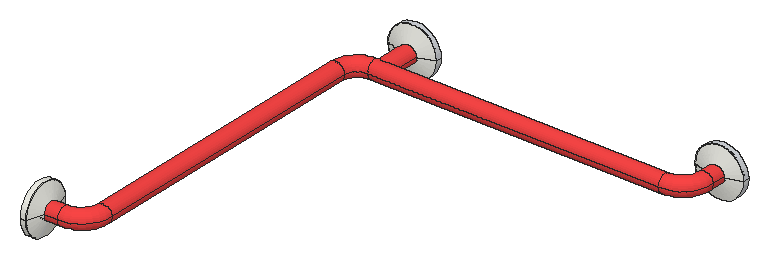
Revit family "Animo L-Shaped Handrail Horizontal_", category Casework, Revit 2012
Parameters (values of type "1629 P")
  URL = "www.korpinen.com"
  Type Comments = "Handrail"
  Model = "1629"
  Manufacturer = "Väinö Korpinen Oy"
  Lenght 2 = 700 mm
  Lenght 1 = 700 mm
  Keynote = "Animo"
  Handrail Color = RAL 3003 - Red
  Description = "L-shaped handrail Horizontal"
Types (4, lengths in mm): name | Handrail Color | Description
  1629 | RAL 9010 - White | "L-shaped handrail horizontal"
  1629 P | RAL 3003 - Red | "L-shaped handrail Horizontal"
  1629 K | RAL 1004 - Yellow | "L-shaped handrail Horizontal"
  1629 H | RAL 7037 - Grey | "L-shaped handrail Horizontal"
Reference planes
  plane 1 "Center (Front/Back)": y = 0
  plane 2: z = 0
  plane 3 "Center (Left/Right)": x = 0
  plane 4: x = 700
  plane 5: y = -700
  plane 6: z = 850
  plane 7: y = -10
  plane 8: x = 10
  plane 9: y = -85
  plane 10: x = 85
Forms (mm)
  Extrusion 1, solid, material "RAL 9010 - White"
    sketch origin (0, 0, 0) x (0, 1, 0) y (0, 0, 1)
      loop
        circle (-700, 850) r 45
    from 0 to 10
  Extrusion 2, solid
    sketch origin (0, 0, 0) x (1, 0, 0) y (0, 0, 1)
      loop
        circle (700, 850) r 45
      loop
        circle (134, 850) r 45
    from 0 to 10
  Sweep 3, solid, material "RAL 3003 - Red" <- "Handrail Color"
    path origin (0, 0, 850.846) x (1, 0, 0) y (0, 1, 0)
      loop
        line (700, -10) -> (700, -45)
        arc (700, -45) -> (688.284, -73.284) -> (660, -85) r 40
        line (660, -85) -> (125, -85)
        arc (125, -85) -> (96.716, -96.716) -> (85, -125) r 40
        line (85, -125) -> (85, -660)
        arc (85, -660) -> (73.284, -688.284) -> (45, -700) r 40
        line (45, -700) -> (10, -700)
    profile "Pipe 32mm : Pipe 32mm" origin (700, -27.5, 850.846) x (1, 0, 0) y (0, 0, 1)
      loop
        circle (0, 0) r 16
  Sweep 4, solid, material "RAL 3003 - Red" <- "Handrail Color"
    path origin (-0.63, 0, 850) x (1, 0, 0) y (0, 1, 0)
      loop
        line (134, -10) -> (134, -85)
    profile "Pipe 32mm : Pipe 32mm" origin (133.37, -47.5, 850) x (1, 0, 0) y (0, 0, 1)
      loop
        circle (0, 0) r 16
  Revolve 5, solid, material "RAL 9010 - White", detail levels fine
    sketch origin (-992.15, -1524, 850) x (-1, 0, 0) y (0, -1, 0)
      loop
        line (-1708.15, -1514) -> (-1708.15, -1504) -> (-1737.15, -1514) -> (-1708.15, -1514)
      axis (-1692.15, -1514) -> (-1692.15, -1504)
    angle from 0 to 360
  Revolve 6, solid, material "RAL 9010 - White", detail levels fine
    sketch origin (-992.15, -1524, 850) x (-1, 0, 0) y (0, -1, 0)
      loop
        line (-1142.15, -1514) -> (-1142.15, -1504) -> (-1171.15, -1514) -> (-1142.15, -1514)
      axis (-1126.15, -1514) -> (-1126.15, -1504)
    angle from 0 to 360
  Revolve 7, solid, material "RAL 9010 - White", detail levels fine
    sketch origin (-992.15, -1524, 850) x (-1, 0, 0) y (0, -1, 0)
      loop
        line (-1002.15, -808) -> (-1002.15, -779) -> (-1012.15, -808) -> (-1002.15, -808)
      axis (-1002.15, -824) -> (-1012.15, -824)
    angle from 0 to 360
Cuts and joins
  joined: Sweep 3, Sweep 4
Dimensions and locks
  plane 7 to plane 9 = 75 mm
  plane 8 to plane 10 = 75 mm
  "Lenght 1": plane 3 "Center (Left/Right)" to plane 4
  "Lenght 2": plane 5 to plane 1 "Center (Front/Back)"
  aligned and locked: level to plane 2
  aligned and locked: Extrusion 2 to plane 1 "Center (Front/Back)"
  aligned and locked: plane 7 to Extrusion 2
  aligned and locked: Extrusion 1 to plane 3 "Center (Left/Right)"
  aligned and locked: plane 8 to Extrusion 1
Automatic sketch dimensions
  Extrusion 1 sketch curve to plane 5 = 0 mm
  Extrusion 1 sketch curve to plane 6 = 0 mm
  Extrusion 2 sketch curve to plane 6 = 0 mm  (x2)
  Extrusion 2 sketch curve to plane 4 = 0 mm
  plane 10 to Extrusion 2 sketch curve = 49 mm
  plane 5 to Sweep 3 sketch curve = 0 mm
  Sweep 3 sketch curve to plane 8 = 0 mm
  Sweep 3 sketch curve to plane 10 = 0 mm
  Sweep 3 sketch curve to plane 9 = 0 mm
  Sweep 3 sketch curve to plane 4 = 0 mm
  plane 7 to Sweep 3 sketch curve = 0 mm
  plane 8 to Sweep 3 sketch curve = 35 mm
  plane 10 to Sweep 3 sketch curve = 40 mm
  Sweep 3 sketch curve to plane 4 = 40 mm
  Sweep 4 sketch curve to plane 9 = 0 mm
  plane 7 to Sweep 4 sketch curve = 0 mm
  plane 10 to Sweep 4 sketch curve = 48.37 mm
  plane 7 to Revolve 6 sketch curve = 0 mm  (x2)
  plane 10 to Revolve 6 sketch curve = 94 mm
  plane 7 to Revolve 6 sketch curve = 10 mm
  Revolve 6 sketch curve to Revolve 6 sketch curve = 29 mm
  Revolve 6 sketch curve to Revolve 6 sketch curve = 16 mm
  Revolve 6 sketch curve to Revolve 6 sketch curve = 20 mm
  plane 7 to Revolve 5 sketch curve = 0 mm  (x2)
  Revolve 5 sketch curve to plane 4 = 0 mm
  plane 4 to Revolve 5 sketch curve = 16 mm
  Revolve 5 sketch curve to Revolve 5 sketch curve = 29 mm
  plane 7 to Revolve 5 sketch curve = 10 mm
  Revolve 5 sketch curve to Revolve 5 sketch curve = 20 mm
  plane 5 to Revolve 7 sketch curve = 0 mm
  Revolve 7 sketch curve to plane 8 = 0 mm  (x2)
  plane 8 to Revolve 7 sketch curve = 10 mm
  Revolve 7 sketch curve to Revolve 7 sketch curve = 20 mm
  plane 5 to Revolve 7 sketch curve = 16 mm
  Revolve 7 sketch curve to Revolve 7 sketch curve = 29 mm
  radius of Extrusion 1 sketch curve = 45 mm
  radius of Extrusion 2 sketch curve = 45 mm  (x2)
